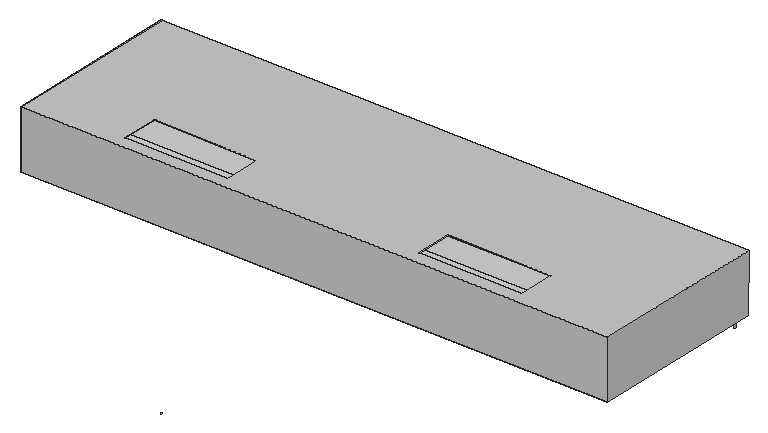
Revit family "QF_ELECTROLUXPROFESSIONAL_643327_DK1240", category Specialty Equipment, Revit 2014
Reference planes
  plane 1: z = 0
  plane 2 "Center (Left/Right)": x = 150
  plane 3 "LEFT": x = -1850
  plane 4 "RIGHT": x = 2150
  plane 5 "BACK": y = 550
  plane 6 "TOP": z = 2400
  plane 7 "Base": z = 2000
  plane 8: z = 1970
  plane 9 "DrainY": y = 450
  plane 10: x = -1847
  plane 11: y = -320
  plane 12: y = -570
  plane 13 "DrainX": x = 2137
  plane 14 "AOLeft2": x = -500
  plane 15 "AORight1": x = 800
  plane 16: x = 2147
  plane 17: x = -1650
  plane 18: x = 1950
  plane 19 "Center (Front/Back)": y = -50
  plane 20 "Front": y = -650
  plane 21: x = 50
  plane 22: x = 250
  plane 23 "AOLeft1": x = -1200
  plane 24 "AORight2": x = 1500
Forms (mm)
  Extrusion 1, solid, material "QF_Finishes_Stainless Steel"
    sketch origin (-1850, 0, 360) x (0, 1, 0) y (0, 0, 1)
      loop
        line (550, 1640) -> (550, 2040) -> (-650, 2040) -> (-650, 1640) -> (550, 1640)
    from 0 to 3
  Extrusion 2, solid, material "QF_Finishes_Stainless Steel"
    sketch origin (2150, 0, 360) x (0, 1, 0) y (0, 0, 1)
      loop
        line (550, 1640) -> (550, 2040) -> (-650, 2040) -> (-650, 1640) -> (550, 1640)
    from 0 to -3
  Extrusion 3, solid, material "QF_Finishes_Stainless Steel"
    sketch origin (150, 0, 360) x (0, 1, 0) y (0, 0, 1)
      loop
        line (-650, 2040) -> (-650, 1640) -> (-640, 1640) -> (-640, 1640.8) -> (-649.2, 1640.8) -> (-649.2, 2039.19) -> (549.2, 2039.19) -> (549.2, 1640.8) -> (540, 1640.8) -> (540, 1640) -> (550, 1640) -> (550, 2040) -> (-650, 2040)
    from -2000 to 2000
  Extrusion 4, solid, material "QF_Finishes_Stainless Steel"
    sketch origin (0, 0, 2000) x (0, 1, 0) y (-1, 0, 0)
      loop
        circle (450, -2137) r 4.763
    from -30 to 0
  Extrusion 5, void
    sketch origin (0, 0, 2400) x (0, 1, 0) y (-1, 0, 0)
      loop
        line (-320, 500) -> (-320, 1200) -> (-570, 1200) -> (-570, 500) -> (-320, 500)
    from 0 to -10
  Extrusion 6, solid, material "QF_Finishes_Stainless Steel"
    sketch origin (0, 0, 0) x (1, 0, 0) y (0, 1, 0)
      loop
        line (-1850, 550) -> (-1850, 549) -> (-1849, 549) -> (-1849, 550) -> (-1850, 550)
    from 0 to 1
  Sweep 7, solid, material "QF_Finishes_Stainless Steel"
    path origin (0, 0, 0) x (1, 0, 0) y (0, 1, 0)
      loop
        line (2150, 550) -> (-1850, 550) -> (-1850, -650) -> (2150, -650) -> (2150, 550)
    profile origin (2150, -50, 0) x (1, 0, 0) y (0, 0, 1)
      loop
        line (-3, 2000) -> (-3, 2000.8) -> (-19, 2000.8) -> (-19, 2010) -> (-20, 2010) -> (-20, 2000) -> (-3, 2000)
  Extrusion 8, solid, material "QF_Finishes_Stainless Steel"
    sketch origin (150, 0, 0) x (0, 1, 0) y (0, 0, 1)
      loop
        line (35, 2399.19) -> (34.2, 2399.19) -> (34.2, 2329.838) -> (-320.309, 2254.485) -> (-614.003, 2066.672) -> (-614.003, 2000.8) -> (-613.203, 2000.8) -> (-613.203, 2066.234) -> (-320, 2253.732) -> (35, 2329.19) -> (35, 2399.19)
    from -1997 to 1997
  Extrusion 9, void
    sketch origin (1134.605, 0, 2400) x (0, 1, 0) y (-1, 0, 0)
      loop
        line (-320, -365.395) -> (-320, 334.605) -> (-570, 334.605) -> (-570, -365.395) -> (-320, -365.395)
    from 0 to -10
Cuts and joins
  Extrusion 5, Extrusion 9 cuts Extrusion 3
  joined: Extrusion 2, Extrusion 3, Sweep 7
Lines and regions (mm)
  symbolic lines, style "SpecialityEquipment", detail levels coarse
    curve 1: line (2150, 550, 2400) -> (-1850, 550, 2400)
    curve 2: line (-1850, 550, 2400) -> (-1850, -650, 2400)
    curve 3: line (2150, -650, 2400) -> (2150, 550, 2400)
    curve 4: line (-1850, 550, 0) -> (2150, -650, 0)
    curve 5: line (2150, 550, 0) -> (-1850, -650, 0)
    curve 6: line (-1850, -650, 0) -> (2150, -650, 0)
    curve 7: line (-500, -443.853, 0) -> (-1162.844, -443.853, 0)
    curve 8: line (-500, -570, 0) -> (-500, -443.853, 0)
    curve 9: line (-1162.844, -570, 0) -> (-500, -570, 0)
    curve 10: line (-1162.844, -443.853, 0) -> (-1162.844, -570, 0)
    curve 11: line (800, -443.94, 0) -> (800, -570, 0)
    curve 12: line (1463.132, -443.94, 0) -> (800, -443.94, 0)
    curve 13: line (1463.132, -570, 0) -> (1463.132, -443.94, 0)
    curve 14: line (800, -570, 0) -> (1463.132, -570, 0)
Dimensions and locks
  plane 3 "LEFT" to plane 4 "RIGHT" = 4000 mm
  equal spacing: plane 3 "LEFT", plane 2 "Center (Left/Right)", plane 4 "RIGHT"
  plane 7 "Base" to plane 8 = 30 mm
  plane 5 "BACK" to plane 9 "DrainY" = 100 mm  (x2)
  plane 3 "LEFT" to plane 10 = 3 mm
  plane 13 "DrainX" to plane 4 "RIGHT" = 13 mm
  plane 16 to plane 4 "RIGHT" = 3 mm
  plane 3 "LEFT" to plane 17 = 200 mm
  plane 18 to plane 4 "RIGHT" = 200 mm
  locked: plane 14 "AOLeft2" to plane 15 "AORight1" at 1300
  equal spacing: plane 14 "AOLeft2", plane 2 "Center (Left/Right)", plane 15 "AORight1"
  locked: plane 7 "Base" to level at 2000
  locked: plane 6 "TOP" to plane 7 "Base" at 400
  plane 5 "BACK" to plane 20 "Front" = 1200 mm  (x2)
  equal spacing: plane 5 "BACK", plane 19 "Center (Front/Back)", plane 20 "Front"
  locked: plane 21 to plane 22 at 200
  equal spacing: plane 21, plane 2 "Center (Left/Right)", plane 22
  plane 12 to plane 20 "Front" = 80 mm
  locked: plane 11 to plane 12 at 250
  locked: plane 23 "AOLeft1" to plane 14 "AOLeft2" at 700
  locked: plane 15 "AORight1" to plane 24 "AORight2" at 700
  aligned and locked: level to plane 1
  aligned and locked: plane 4 "RIGHT" to Extrusion 3
  aligned and locked: Extrusion 3 to plane 3 "LEFT"
  aligned and locked: Extrusion 5 to plane 12
  aligned and locked: Extrusion 5 to plane 11
  aligned and locked: Extrusion 2 to plane 16
  aligned and locked: Extrusion 8 to plane 10
  aligned and locked: plane 16 to Extrusion 8
  aligned and locked: Extrusion 5 to plane 23 "AOLeft1"
  aligned and locked: Extrusion 5 to plane 14 "AOLeft2"
  aligned and locked: plane 24 "AORight2" to Extrusion 9
  aligned and locked: plane 15 "AORight1" to Extrusion 9
Automatic sketch dimensions
  Extrusion 1 sketch curve to plane 7 "Base" = 0 mm
  Extrusion 1 sketch curve to plane 20 "Front" = 0 mm
  Extrusion 1 sketch curve to plane 5 "BACK" = 0 mm
  Extrusion 1 sketch curve to plane 6 "TOP" = 0 mm
  Extrusion 2 sketch curve to plane 7 "Base" = 0 mm
  Extrusion 2 sketch curve to plane 20 "Front" = 0 mm
  Extrusion 2 sketch curve to plane 5 "BACK" = 0 mm
  Extrusion 2 sketch curve to plane 6 "TOP" = 0 mm
  Extrusion 3 sketch curve to plane 6 "TOP" = 0 mm
  Extrusion 3 sketch curve to plane 20 "Front" = 0 mm
  Extrusion 3 sketch curve to plane 7 "Base" = 0 mm  (x2)
  Extrusion 3 sketch curve to plane 5 "BACK" = 0 mm
  plane 20 "Front" to Extrusion 3 sketch curve = 0.8 mm
  Extrusion 3 sketch curve to Extrusion 3 sketch curve = 9.2 mm
  plane 7 "Base" to Extrusion 3 sketch curve = 0.8 mm  (x2)
  Extrusion 3 sketch curve to plane 5 "BACK" = 10 mm
  Extrusion 3 sketch curve to plane 5 "BACK" = 0.8 mm
  Extrusion 3 sketch curve to plane 6 "TOP" = 0.81 mm
  Extrusion 4 sketch curve to plane 9 "DrainY" = 0 mm
  Extrusion 4 sketch curve to plane 13 "DrainX" = 0 mm
  Extrusion 5 sketch curve to plane 12 = 0 mm
  plane 11 to Extrusion 5 sketch curve = 0 mm
  Extrusion 5 sketch curve to plane 14 "AOLeft2" = 0 mm
  Extrusion 5 sketch curve to plane 23 "AOLeft1" = 0 mm
  Extrusion 6 sketch curve to plane 3 "LEFT" = 0 mm
  Extrusion 6 sketch curve to plane 5 "BACK" = 0 mm
  plane 3 "LEFT" to Extrusion 6 sketch curve = 1 mm
  Extrusion 6 sketch curve to Extrusion 6 sketch curve = 1 mm
  Sweep 7 sketch curve to plane 3 "LEFT" = 0 mm
  Sweep 7 sketch curve to plane 4 "RIGHT" = 0 mm
  Sweep 7 sketch curve to plane 20 "Front" = 0 mm
  Sweep 7 sketch curve to plane 5 "BACK" = 0 mm
  profile plane to Sweep 7 sketch curve = 20 mm
  Sweep 7 sketch curve to Sweep 7 sketch curve = 1 mm
  profile plane to Sweep 7 sketch curve = 3 mm
  level to Sweep 7 sketch curve = 2000 mm
  Sweep 7 sketch curve to Sweep 7 sketch curve = 0.8 mm
  Sweep 7 sketch curve to Sweep 7 sketch curve = 9.2 mm
  Extrusion 9 sketch curve to plane 12 = 0 mm
  plane 11 to Extrusion 9 sketch curve = 0 mm
  Extrusion 9 sketch curve to plane 15 "AORight1" = 700 mm
  plane 22 to Extrusion 9 sketch curve = 550 mm
  curve 2 to plane 3 "LEFT" = 0 mm
  curve 2 to plane 20 "Front" = 0 mm
  curve 3 to plane 4 "RIGHT" = 0 mm
  curve 3 to plane 20 "Front" = 0 mm
  curve 2 to plane 5 "BACK" = 0 mm
  Extrusion 8 sketch curve to plane 11 = 0 mm
  plane 11 to Extrusion 8 sketch curve = 0.309 mm
  plane 7 "Base" to Extrusion 8 sketch curve = 0.8 mm
  plane 20 "Front" to Extrusion 8 sketch curve = 36.797 mm
  Extrusion 8 sketch curve to Extrusion 8 sketch curve = 0.8 mm  (x2)
  plane 19 "Center (Front/Back)" to Extrusion 8 sketch curve = 84.2 mm
  Extrusion 8 sketch curve to Extrusion 8 sketch curve = 65.434 mm
  Extrusion 8 sketch curve to plane 6 "TOP" = 146.268 mm
  Extrusion 8 sketch curve to Extrusion 8 sketch curve = 0.752 mm
  Extrusion 8 sketch curve to plane 6 "TOP" = 70.81 mm
  Extrusion 8 sketch curve to Extrusion 8 sketch curve = 0.648 mm
  Extrusion 8 sketch curve to Extrusion 8 sketch curve = 0.438 mm
  Extrusion 8 sketch curve to plane 6 "TOP" = 0.81 mm
  curve 6 to plane 3 "LEFT" = 0 mm
  curve 4 to plane 3 "LEFT" = 0 mm
  curve 10 to plane 12 = 0 mm
  curve 8 to plane 14 "AOLeft2" = 0 mm
  curve 14 to plane 12 = 0 mm
  curve 14 to plane 15 "AORight1" = 0 mm
  curve 5 to plane 4 "RIGHT" = 0 mm
  curve 6 to plane 4 "RIGHT" = 0 mm
  curve 4 to plane 20 "Front" = 0 mm
  curve 4 to plane 5 "BACK" = 0 mm
  curve 5 to plane 5 "BACK" = 0 mm
  plane 23 "AOLeft1" to curve 10 = 37.156 mm
  curve 14 to plane 24 "AORight2" = 36.868 mm
  radius of Extrusion 4 sketch curve = 4.763 mm
Connectors
  piping at (2137, 450, 1970), diameter 9.5
    settings: on Extrusion 4, index 1, connector inside diameter 609.6 mm, connector length 0 mm, flow factor 0, pipe flow 0.0 L/s, pressure drop 0.0 Pa, fitting loss kfactor 0, connector angle 0.00°, fixture units 0, engagement length 0 mm, angle of deflection 0.00°, flow configuration 1, flow direction 2, fitting loss method 0, system type 16, joint type 0, gender type 0, connector reference index -1, connector utility 0, adjustable connector no, is connector primary yes, connector description "Drain"
  hvac at (-850, -445, 2400)
    settings: on Extrusion 5, index 2, duct flow 0.0 L/s, flow factor 0, pres drop 0.0 Pa, loss coef 0, conn angle 0.00°, conn width 250 mm, conn height 700 mm, conn diameter 609.6 mm, duct sys type 3, conn prof type 1, flow config 1, flow direction 2, loss method 0, conn ref index -1, conn util no, is conn primary yes, conn desc "EXHAUST OUTLET"
  hvac at (1150, -445, 2400)
    settings: on Extrusion 9, index 3, duct flow 0.0 L/s, flow factor 0, pres drop 0.0 Pa, loss coef 0, conn angle 0.00°, conn width 250 mm, conn height 700 mm, conn diameter 609.6 mm, duct sys type 3, conn prof type 1, flow config 1, flow direction 2, loss method 0, conn ref index -1, conn util no, is conn primary no, conn desc "EXHAUST OUTLET"
